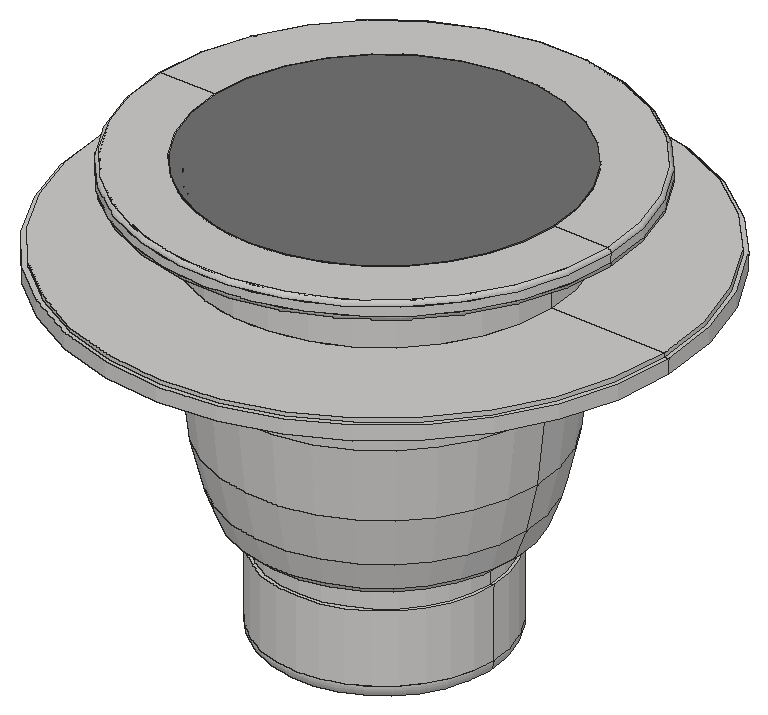
Revit family
Parameters (values of type "3400-04")
  Weight (lb) = 0
  Waste Connection = no
  Warranty = "1 year material and workmanship"  # constant formula
  Vent Connection = no
  URL = "http://www.jrsmith.com"
  Technical and Installation = "http://www.jrsmith.com/products/sanit/tech_data_index.htm"
  SmartBIM Object Version = 3  # constant formula
  SmartBIM Object Created By = "Reed Construction Data"  # constant formula
  Product URL = "http://www.jrsmith.com/products/sanit/submittal/d3400.pdf"
  Outlet Diameter = "4\""
  Maintenance = ""
  HW Connection = no
  Free Area (sq. in) = "22"
  Pipe Radius = 2"
  OmniClass Title = ""
  OmniClass Code = ""
  Model = "3400"  # constant formula
  Material Finish = Duco Coated
  Material = Stainless Steel Brushed
  Manufacturer = "Jay R. Smith Mfg. Co. "  # constant formula
  Default Elevation = 0"
  CW Connection = no
  Assembly Code = "D2030300"
  95 CSI = "15155"  # constant formula
  04 CSI = "22 13 19"  # constant formula
Types (4): name | Outlet Diameter | Pipe Radius
  (no name) | "4\"" | 2"
  3400-02 | "2\"" | 1"
  3400-03 | "3\"" | 1 1/2"
  3400-04 | "4\"" | 2"
Reference planes (in)
  plane 1 "Center (Front/Back)": y = 0
  plane 2: z = 0
  plane 3 "Center (Left/Right)": x = 0
  plane 4: z = 2.3858
  plane 5: x = -7.375
  plane 6: x = 7.375
  plane 7: z = -8.6142
  plane 8: z = -5.6142
  plane 9: x = 5.875
  plane 10: x = -5.875
Forms (in)
  Extrusion 1, solid, material "Duco Coated" <- "Material Finish"
    sketch origin (-4.85951, -180, 2.3858) x (0, -1, 0) y (-1, 0, 0)
      loop
        circle (-180, -4.85951) r 4.38365
    from 0 to 0.25
  Revolve 2, solid, material "Stainless Steel Brushed" <- "Material"
    sketch origin (0, 0, 0) x (1, 0, 0) y (0, 0, 1)
      loop
        line (5.79207, 2.3858) -> (4.38365, 2.3858)
        arc (4.38365, 2.3858) -> (4.16852, 2.25739) -> (4.08226, 2.02217) r 0.375
        line (4.08226, 2.02217) -> (4.06271, 0.30583) -> (3.98228, -1.03644) -> (3.93318, -1.67101) -> (3.87495, -2.27526) -> (3.80811, -2.84405) -> (3.73329, -3.37244) -> (3.65125, -3.85571) -> (3.56289, -4.28936) -> (3.46937, -4.66896) -> (3.37227, -4.99006) -> (3.27412, -5.24773) -> (3.17973, -5.43602) -> (3.09999, -5.54775) -> (3.02006, -5.6142) -> (2.56728, -5.6142) -> (2.56728, -8.2392)
        arc (2.56728, -8.2392) -> (2.53868, -8.30825) -> (2.46962, -8.33685) r 0.09766
        line (2.46962, -8.33685) -> (2, -8.33685) -> (2, -8.6142) -> (2.46962, -8.6142)
        arc (2.46962, -8.6142) -> (2.73479, -8.50436) -> (2.84462, -8.2392) r 0.375
        line (2.84462, -8.2392) -> (2.84462, -6.48927) -> (2.75282, -6.48927) -> (2.75282, -5.86566) -> (3.15142, -5.86566) -> (3.42084, -5.64168) -> (3.68844, -4.93917) -> (3.98043, -3.75399) -> (4.18466, -2.01611) -> (4.30752, -0.42813) -> (7.375, 0) -> (7.375, 0.36488) -> (7.25827, 0.36488) -> (7.25827, 0.46703) -> (4.34182, 0.46703) -> (4.35766, 1.92617) -> (5.75, 1.92617)
        arc (5.75, 1.92617) -> (5.83839, 1.96278) -> (5.875, 2.05117) r 0.125
        line (5.875, 2.05117) -> (5.875, 2.26809)
        arc (5.875, 2.26809) -> (5.85218, 2.34009) -> (5.79207, 2.3858) r 0.125
      axis (0, 2.3858) -> (0, -8.6142)
    angle from 0 to 360
Dimensions and locks (in)
  equal spacing: plane 6, plane 3 "Center (Left/Right)", plane 5
  plane 6 to plane 5 = 14 3/4"
  plane 8 to plane 7 = 3"
  plane 4 to plane 8 = 8"
  plane 9 to plane 10 = 11 3/4"
  locked: Revolve 2 sketch curve to Revolve 2 sketch curve at 0.84462
  locked: Revolve 2 sketch curve to Revolve 2 sketch curve at 0.46962
  "Pipe Radius": Revolve 2 sketch curve to plane 3 "Center (Left/Right)"
  locked: Revolve 2 sketch curve to Revolve 2 sketch curve at 3.02006
  aligned and locked: Revolve 2 sketch curve to plane 3 "Center (Left/Right)"
  aligned and locked: Extrusion 1 sketch curve to Revolve 2  (x2)
Automatic sketch dimensions
  Revolve 2 sketch curve to Revolve 2 sketch curve = 0"  (x2)
  Revolve 2 sketch curve to plane 8 = 0"
  Revolve 2 sketch curve to plane 4 = 0"
  Revolve 2 sketch curve to plane 9 = 0"
  Revolve 2 sketch curve to plane 6 = 0"
  Revolve 2 sketch curve to plane 7 = 0"
  Revolve 2 sketch curve to level = 0"
  Revolve 2 sketch curve to Revolve 2 sketch curve = 25/256"
  Revolve 2 sketch curve to Revolve 2 sketch curve = 0.26724"
  plane 8 to Revolve 2 sketch curve = 0.06644"
  Revolve 2 sketch curve to Revolve 2 sketch curve = 0.07992"
  plane 8 to Revolve 2 sketch curve = 0.17817"
  Revolve 2 sketch curve to Revolve 2 sketch curve = 0.07975"
  Revolve 2 sketch curve to plane 8 = 0.25146"
  Revolve 2 sketch curve to Revolve 2 sketch curve = 0.13136"
  plane 8 to Revolve 2 sketch curve = 0.36646"
  Revolve 2 sketch curve to Revolve 2 sketch curve = 0.09438"
  plane 8 to Revolve 2 sketch curve = 0.62414"
  Revolve 2 sketch curve to Revolve 2 sketch curve = 0.09815"
  Revolve 2 sketch curve to plane 8 = 0.02748"
  Revolve 2 sketch curve to Revolve 2 sketch curve = 0.26942"
  plane 8 to Revolve 2 sketch curve = 0.94523"
  Revolve 2 sketch curve to Revolve 2 sketch curve = 0.0971"
  Revolve 2 sketch curve to Revolve 2 sketch curve = 0.09352"
  Revolve 2 sketch curve to Revolve 2 sketch curve = 0.08836"
  plane 8 to Revolve 2 sketch curve = 0.67503"
  Revolve 2 sketch curve to Revolve 2 sketch curve = 0.31617"
  Revolve 2 sketch curve to Revolve 2 sketch curve = 21/256"
  Revolve 2 sketch curve to Revolve 2 sketch curve = 0.07482"
  Revolve 2 sketch curve to Revolve 2 sketch curve = 0.06684"
  Revolve 2 sketch curve to Revolve 2 sketch curve = 0.05823"
  Revolve 2 sketch curve to Revolve 2 sketch curve = 0.0491"
  level to Revolve 2 sketch curve = 0.30583"
  Revolve 2 sketch curve to Revolve 2 sketch curve = 0.08043"
  plane 4 to Revolve 2 sketch curve = 0.36363"
  Revolve 2 sketch curve to Revolve 2 sketch curve = 0.01863"
  Revolve 2 sketch curve to Revolve 2 sketch curve = 0.00092"
  Revolve 2 sketch curve to Revolve 2 sketch curve = 0.17232"
  Revolve 2 sketch curve to Revolve 2 sketch curve = 0.25147"
  level to Revolve 2 sketch curve = 0.46703"
  Revolve 2 sketch curve to Revolve 2 sketch curve = 0.27911"
  Revolve 2 sketch curve to Revolve 2 sketch curve = 0.27539"
  Revolve 2 sketch curve to Revolve 2 sketch curve = 0.02599"
  Revolve 2 sketch curve to Revolve 2 sketch curve = 0.09958"
  plane 9 to Revolve 2 sketch curve = 1/8"
  plane 4 to Revolve 2 sketch curve = 0.11771"
  Revolve 2 sketch curve to Revolve 2 sketch curve = 1/8"
  plane 6 to Revolve 2 sketch curve = 0.11673"
  Revolve 2 sketch curve to plane 7 = 38.04136"
  Revolve 2 sketch curve to Revolve 2 sketch curve = 0.62361"
  Revolve 2 sketch curve to Revolve 2 sketch curve = 0.37961"
  Revolve 2 sketch curve to Revolve 2 sketch curve = 0.53537"
  Revolve 2 sketch curve to Revolve 2 sketch curve = 0.38155"
  Revolve 2 sketch curve to Revolve 2 sketch curve = 0.90994"
  Revolve 2 sketch curve to Revolve 2 sketch curve = 1.73788"
  Revolve 2 sketch curve to Revolve 2 sketch curve = 0.3451"
  Revolve 2 sketch curve to Revolve 2 sketch curve = 0.10214"
  Revolve 2 sketch curve to Revolve 2 sketch curve = 0.09601"
  Revolve 2 sketch curve to Revolve 2 sketch curve = 0.09193"
  Revolve 2 sketch curve to plane 4 = 92.67923"
  Revolve 2 sketch curve to Revolve 2 sketch curve = 0.10172"
  Revolve 2 sketch curve to Revolve 2 sketch curve = 0.25915"
  Revolve 2 sketch curve to Revolve 2 sketch curve = 0.32524"
  Revolve 2 sketch curve to level = 0.42813"
  Revolve 2 sketch curve to Revolve 2 sketch curve = 0.60831"
Connectors (in)
  piping at (0, 0, -8.6142), driven by "Pipe Radius"
    settings: on Revolve 2, index 1
